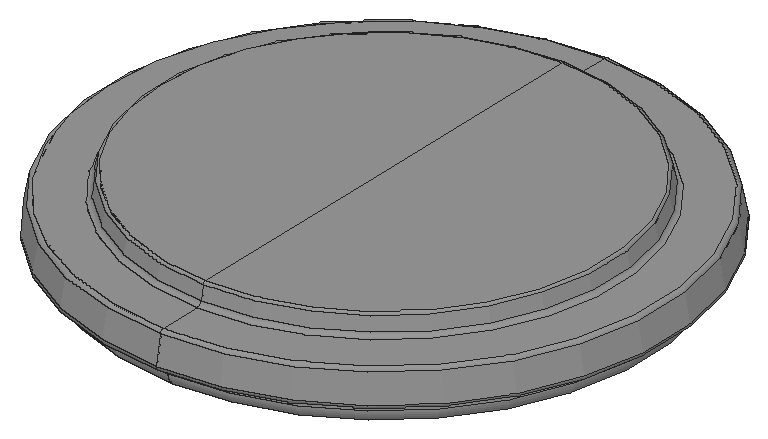
Revit family "FMK12_63_UN_Surface-mounted_ETK", category Lighting Fixtures, Revit 2017 (continued)
Definition of nested family "FMK.1 - Lightsource"
  Types (13, lengths in mm): name | Wattage Comments | Photometric Web File | built-in parameter 1150142 | Apparent Load
      82.7397\t271.7601\t260.7829\t249.8115\t238.199\t224.9904\t212.0355\t199.0916\r\n186.1571\t173.2273\t160.3064\t147.3979\t134.5054\t133.8004\t26.4433\t0\t0\t0\r\n0\t0\t0\t0\t0\t0\r\n405.3384\t404.7985\t404.2731\t402.9746\t400.9294\t398.9778\t395.1912\t391.2006\t387.1764\t383.1518\r\n379.3503\t373.2478\t366.6736\t360.0872\t353.4808\t347.1016\t338.8269\t329.9717\t321.1259\t312.2733\r\n303.6511\t293.3438\t282.42\t271.4857\t260.561\t249.8768\t237.5346\t224.5982\t211.6601\t198.736\r\n185.8092\t172.8976\t159.9952\t147.0924\t134.208\t131.9549\t19.0178\t0\t0\t0\r\n0\t0\t0\t0\t0\t0\r\n405.3384\t404.775\t404.2417\t402.941\t400.8877\t398.9141\t395.0686\t391.0953\t387.0939\t383.0703\r\n379.2465\t373.03\t366.4888\t359.9216\t353.3431\t346.971\t338.5451\t329.7328\t320.92\t312.0934\r\n303.4848\t293.0109\t282.1221\t271.2145\t260.3152\t249.6258\t237.1217\t224.202\t211.2903\t198.3835\r\n185.4706\t172.5647\t159.66\t146.7717\t133.8799\t129.6163\t13.1927\t0\t0\t0\r\n0\t0\t0\t0\t0\t0\r\n405.3384\t404.7527\t404.2068\t402.9019\t400.8767\t398.8558\t394.9637\t390.9782\t387.0011\t382.9988\r\n379.1382\t372.8305\t366.3205\t359.7944\t353.2392\t346.8416\t338.2971\t329.4929\t320.6819\t311.8859\r\n303.2565\t292.6827\t281.8284\t270.9715\t260.0963\t249.3876\t236.7404\t223.8309\t210.924\t198.0301\r\n185.1227\t172.2345\t159.3412\t146.4511\t133.5636\t127.1408\t8.7076\t0\t0\t0\r\n0\t0\t0\t0\t0\t0\r\n405.3384\t404.7317\t404.1685\t402.8573\t400.8341\t398.8203\t394.8729\t390.882\t386.8997\t382.9031\r\n379.0139\t372.6472\t366.1376\t359.6334\t353.1356\t346.7285\t338.0975\t329.2976\t320.4978\t311.7082\r\n303.0442\t292.3608\t281.5086\t270.6653\t259.8241\t249.1051\t236.3739\t223.483\t210.5936\t197.696\r\n184.8022\t171.9214\t159.0318\t146.1423\t133.2543\t124.7431\t5.3342\t0\t0\t0\r\n0\t0\t0\t0\t0\t0\r\n405.3384\t404.7118\t404.0854\t402.8071\t400.7827\t398.7607\t394.8082\t390.8197\t386.8117\t382.8145\r\n378.8745\t372.4566\t365.9558\t359.4647\t352.9636\t346.5217\t337.8337\t329.0692\t320.2987\t311.5096\r\n302.8013\t292.0593\t281.2296\t270.4093\t259.5758\t248.8064\t236.0021\t223.1017\t210.2133\t197.3263\r\n184.4407\t171.5452\t158.6583\t145.7732\t132.8917\t122.5723\t2.8944\t0\t0\t0\r\n0\t0\t0\t0\t0\t0\r\n405.3384\t404.6932\t404.0473\t402.7226\t400.7224\t398.6915\t394.7212\t390.7363\t386.7361\t382.7442\r\n378.7775\t372.3101\t365.7992\t359.3066\t352.8016\t346.3302\t337.6023\t328.8394\t320.0728\t311.2958\r\n302.561\t291.776\t280.951\t270.126\t259.3004\t248.5209\t235.6594\t222.7723\t209.8851\t196.9978\r\n184.1099\t171.2248\t158.3346\t145.4546\t132.5648\t120.8445\t1.2522\t0\t0\t0\r\n0\t0\t0\t0\t0\t0\r\n405.3384\t404.6757\t404.0125\t402.6704\t400.6365\t398.604\t394.6163\t390.6263\t386.6347\t382.642\r\n378.653\t372.1631\t365.664\t359.1642\t352.6514\t346.1579\t337.4057\t328.6338\t319.8737\t311.0997\r\n302.337\t291.5239\t280.7001\t269.8776\t259.0436\t248.2362\t235.3595\t222.4683\t209.58\t196.6886\r\n183.7994\t170.9097\t158.0181\t145.1276\t132.2357\t119.6415\t0.3076\t0\t0\t0\r\n0\t0\t0\t0\t0\t0\r\n405.3384\t404.6596\t403.9806\t402.6229\t400.5746\t398.5262\t394.5231\t390.5201\t386.5171\t382.514\r\n378.4993\t372.003\t365.4952\t358.999\t352.4911\t345.9949\t337.2046\t328.4142\t319.6239\t310.8453\r\n302.055\t291.2397\t280.4128\t269.5975\t258.7705\t247.9552\t235.0564\t222.1578\t209.2708\t196.372\r\n183.485\t170.5863\t157.6875\t144.8005\t131.9018\t119.0148\t0\t0\t0\t0\r\n0\t0\t0\t0\t0\t0\r\n405.3384\t404.6446\t403.952\t402.5799\t400.516\t398.4496\t394.4362\t390.4167\t386.393\t382.3765\r\n378.3639\t371.8594\t365.3463\t358.8345\t352.3221\t345.8186\t337.0218\t328.2282\t319.4233\t310.6293\r\n301.8361\t291.0019\t280.1697\t269.3256\t258.4827\t247.6533\t234.7581\t221.854\t208.9473\t196.0427\r\n183.1396\t170.2368\t157.3331\t144.4306\t131.5295\t118.923\t0.3058\t0\t0\t0\r\n0\t0\t0\t0\t0\t0\r\n405.3384\t404.6311\t403.9266\t402.5417\t400.4513\t398.3517\t394.3448\t390.3139\t386.2918\t382.2534\r\n378.238\t371.7358\t365.2058\t358.6709\t352.1332\t345.6284\t336.8455\t328.0252\t319.2071\t310.3886\r\n301.6022\t290.7741\t279.9105\t269.0599\t258.1993\t247.3735\t234.4901\t221.5727\t208.655\t195.7516\r\n182.8364\t169.9224\t157.0186\t144.1096\t131.2095\t119.4546\t1.2376\t0\t0\t0\r\n0\t0\t0\t0\t0\t0\r\n405.3384\t404.6189\t403.9044\t402.5099\t400.4048\t398.3042\t394.3046\t390.2607\t386.2346\t382.1535\r\n378.1197\t371.6271\t365.0667\t358.4953\t351.9348\t345.4342\t336.6778\t327.8251\t318.988\t310.1383\r\n301.3588\t290.557\t279.6705\t268.7827\t257.8964\t247.0828\t234.2295\t221.3067\t208.3745\t195.4454\r\n182.519\t169.6057\t156.6841\t143.7663\t130.8565\t120.461\t2.8438\t0\t0\t0\r\n0\t0\t0\t0\t0\t0\r\n405.3384\t404.608\t403.906\t402.4809\t400.3686\t398.2825\t394.3364\t390.2509\t386.1403\t382.0139\r\n377.9719\t371.5145\t364.9316\t358.3331\t351.741\t345.2569\t336.5322\t327.65\t318.7717\t309.893\r\n301.122\t290.3538\t279.4296\t268.5063\t257.6005\t246.812\t234.0133\t221.0577\t208.1226\t195.1708\r\n182.233\t169.2892\t156.3621\t143.428\t130.5101\t121.8491\t5.2081\t0\t0\t0\r\n0\t0\t0\t0\t0\t0\r\n405.3384\t404.5983\t403.8876\t402.4562\t400.3424\t398.3285\t394.312\t390.1748\t386.0001\t381.8499\r\n377.8465\t371.4423\t364.8155\t358.179\t351.5314\t345.0554\t336.4015\t327.4708\t318.5324\t309.5879\r\n300.8096\t290.1067\t279.1611\t268.2305\t257.289\t246.5037\t233.7899\t220.8066\t207.8411\t194.873\r\n181.9286\t168.9735\t156.0235\t143.0925\t130.1555\t123.4873\t8.4517\t0\t0\t0\r\n0\t0\t0\t0\t0\t0\r\n405.3384\t404.5901\t403.8694\t402.4354\t400.3632\t398.2964\t394.2634\t390.0534\t385.8948\t381.7277\r\n377.7335\t371.3662\t364.6894\t358.0074\t351.3178\t344.8397\t336.2562\t327.2573\t318.2671\t309.292\r\n300.5434\t289.9663\t278.9733\t267.9846\t257.0011\t246.2424\t233.6423\t220.6376\t207.6416\t194.6527\r\n181.66\t168.6794\t155.7053\t142.752\t129.7991\t125.1546\t12.7273\t0\t0\t0\r\n0\t0\t0\t0\t0\t0\r\n405.3384\t404.5832\t403.8511\t402.4184\t400.3294\t398.2373\t394.1753\t389.9932\t385.8207\t381.5858\r\n377.5585\t371.29\t364.5766\t357.8427\t351.0774\t344.5671\t336.1252\t327.126\t318.0989\t309.0717\r\n300.2725\t289.8361\t278.7856\t267.7468\t256.7121\t245.9428\t233.5014\t220.4496\t207.42\t194.3931\r\n181.3835\t168.3751\t155.3885\t142.4223\t129.4696\t126.6674\t18.2327\t0\t0\t0\r\n0\t0\t0\t0\t0\t0\r\n405.3384\t404.6161\t403.833\t402.4338\t400.2812\t398.117\t394.1504\t389.9734\t385.7276\t381.4258\r\n377.3816\t371.2392\t364.4718\t357.6674\t350.8628\t344.3271\t336.3727\t327.0146\t317.9224\t308.8102\r\n299.6801\t289.9237\t278.5829\t267.4993\t256.4203\t245.3261\t233.5789\t220.2411\t207.1712\t194.1138\r\n181.0807\t168.0584\t155.0612\t142.0858\t129.1328\t127.7426\t25.2025\t0\t0\t0\r\n0\t0\t0\t0\t0\t0\r\n405.3384\t404.6105\t403.8147\t402.4101\t400.2194\t398.0503\t394.1642\t389.934\t385.6217\t381.2896\r\n377.1953\t371.2003\t364.3795\t357.5497\t350.6777\t343.7901\t336.3331\t326.9098\t317.7336\t308.5378\r\n299.3341\t289.7717\t278.414\t267.2406\t256.0784\t244.9306\t233.4048\t220.0844\t206.987\t193.9063\r\n180.8452\t167.8011\t154.7799\t141.7801\t128.7982\t128.0121\t33.8934\t0\t0\t0\r\n0\t0\t0\t0\t0\t0\r\n405.3384\t404.605\t403.7961\t402.3797\t400.115\t397.9929\t394.1749\t389.882\t385.5568\t381.1715\r\n376.6631\t371.4951\t364.3355\t357.4079\t350.4678\t343.5064\t336.2424\t326.8117\t317.5627\t308.2892\r\n298.9902\t289.5725\t278.2428\t267.0234\t255.8103\t244.5868\t233.2271\t219.9634\t206.8227\t193.6957\r\n180.6021\t167.5443\t154.4957\t141.4702\t128.4705\t115.505\t70.026\t0\t0\t0\r\n0\t0\t0\t0\t0\t0\r\n405.3384\t404.5994\t403.7772\t402.343\t400.0582\t397.9547\t394.1952\t389.8748\t385.5291\t380.979\r\n376.4372\t371.47\t364.2569\t357.2705\t350.2636\t343.2284\t336.1012\t326.741\t317.3967\t308.0368\r\n298.6712\t289.3725\t278.1474\t266.8135\t255.5191\t244.2436\t233.0342\t219.8906\t206.6977\t193.5207\r\n180.3828\t167.2783\t154.2217\t141.1824\t128.1722\t115.1956\t80.4414\t0\t0\t0\r\n0\t0\t0\t0\t0\t0\r\n405.3384\t404.594\t403.7665\t402.3007\t400.0104\t397.8946\t394.467\t389.9452\t385.4255\t380.805\r\n376.2179\t371.3573\t364.2027\t357.1507\t350.0679\t342.9438\t335.905\t326.68\t317.25\t307.8176\r\n298.3724\t289.0673\t278.0222\t266.6515\t255.3003\t243.9401\t232.7582\t219.8133\t206.5867\t193.3789\r\n180.2056\t167.0687\t153.966\t140.8994\t127.8726\t114.8827\t90.1164\t0\t0\t0\r\n0\t0\t0\t0\t0\t0\r\n405.3384\t404.5889\t403.7442\t402.2253\t399.9717\t397.8259\t394.5256\t389.9394\t385.2649\t380.6538\r\n375.9641\t371.2248\t364.1789\t357.067\t349.8977\t342.6677\t335.6288\t326.6532\t317.1531\t307.6244\r\n298.0542\t288.478\t278.2469\t266.5399\t255.0597\t243.6182\t232.4332\t219.7955\t206.4902\t193.2133\r\n180.0012\t166.821\t153.6857\t140.5957\t127.5588\t114.5661\t98.6146\t0\t0\t0\r\n0\t0\t0\t0\t0\t0\r\n405.3384\t404.5838\t403.7204\t402.1836\t399.9493\t397.495\t394.6576\t389.8387\t385.1686\t380.5014\r\n375.729\t371.0605\t364.1878\t357.0066\t349.7365\t342.3831\t334.9798\t326.9611\t317.1042\t307.4527\r\n297.7974\t288.1146\t278.1369\t266.4125\t254.8729\t243.3316\t231.7822\t219.9393\t206.403\t193.0914\r\n179.8299\t166.6203\t153.466\t140.3518\t127.2713\t114.2585\t105.3682\t0\t0\t0\r\n0\t0\t0\t0\t0\t0\r\n405.3384\t404.579\t403.6953\t402.1453\t400.0044\t397.4328\t394.6846\t389.7831\t385.1052\t380.3588\r\n375.5172\t370.8454\t364.2472\t356.9647\t349.5864\t342.1389\t334.6459\t326.9338\t317.0698\t307.3364\r\n297.5463\t287.7394\t277.9639\t266.3589\t254.7041\t243.037\t231.404\t219.803\t206.3799\t193.0247\r\n179.6747\t166.415\t153.2216\t140.0873\t127.0126\t113.9921\t109.8199\t9.0426\t0\t0\r\n0\t0\t0\t0\t0\t0\r\n405.3384\t404.5744\t403.6691\t402.1103\t399.9781\t397.3776\t394.6495\t389.7577\t385.0555\t380.2439\r\n375.3168\t370.2787\t364.5973\t356.9471\t349.4699\t341.9308\t334.3338\t326.7694\t317.1018\t307.2337\r\n297.342\t287.4211\t277.6928\t266.3301\t254.5511\t242.8085\t231.0731\t219.5536\t206.3499\t192.9347\r\n179.5687\t166.2649\t153.016\t139.8234\t126.726\t113.6905\t111.2803\t21.7073\t0\t0\r\n0\t0\t0\t0\t0\t0\r\n405.3384\t404.57\t403.6421\t402.0785\t399.9533\t397.3665\t394.4977\t389.7642\t385.0355\t380.1533\r\n375.1312\t370.0104\t364.5699\t356.9602\t349.3932\t341.7532\t334.0283\t326.4707\t317.1654\t307.1994\r\n297.1718\t287.133\t277.0299\t266.5617\t254.4718\t242.5962\t230.7316\t218.9364\t206.6337\t192.9105\r\n179.4434\t166.087\t152.7988\t139.6068\t126.4833\t113.4569\t100.4945\t60.079\t0\t0\r\n0\t0\t0\t0\t0\t0\r\n405.3384\t404.5661\t403.6144\t402.0512\t399.9354\t397.2997\t394.4018\t389.8025\t385.0322\t380.0745\r\n374.9814\t369.7443\t364.4545\t357.0142\t349.3678\t341.6146\t333.7412\t325.8005\t317.4989\t307.1996\r\n297.0754\t286.8649\t276.6591\t266.3928\t254.4188\t242.4545\t230.4861\t218.5355\t206.5242\t192.8964\r\n179.3794\t165.9637\t152.639\t139.4008\t126.2545\t113.2052\t100.2394\t75.4175\t0\t0\r\n0\t0\t0\t0\t0\t0\r\n405.3384\t404.5625\t403.5863\t402.0218\t399.9104\t397.2171\t394.3045\t389.8927\t385.0511\t380.0149\r\n374.8455\t369.4904\t364.2419\t357.1219\t349.384\t341.4901\t333.5186\t325.4314\t317.3612\t307.2899\r\n297.0022\t286.6805\t276.276\t266.1102\t254.4772\t242.3425\t230.2194\t218.174\t206.3008\t192.9174\r\n179.3579\t165.8762\t152.4972\t139.2127\t126.0328\t112.9621\t100.0093\t87.0551\t0\t0\r\n0\t0\t0\t0\t0\t0\r\n405.3384\t404.5593\t403.5488\t401.9935\t399.8835\t397.1246\t394.2037\t390.2303\t385.0913\t379.9896\r\n374.7291\t369.2488\t363.6276\t357.5035\t349.4258\t341.4412\t333.3238\t325.0865\t317.0691\t307.6993\r\n297.0161\t286.5013\t276.02\t265.4718\t254.6844\t242.2835\t230.06\t217.8462\t205.7159\t193.2069\r\n179.3627\t165.7938\t152.3453\t139.0419\t125.8422\t112.7623\t99.7796\t94.113\t0.6105\t0\r\n0\t0\t0\t0\t0\t0\r\n405.3384\t404.5567\t403.4347\t401.9663\t399.8542\t396.9916\t393.8623\t390.3025\t385.1493\t379.9968\r\n374.6293\t369.0482\t363.3058\t357.4798\t349.5307\t341.4245\t333.1708\t324.8183\t316.3472\t307.7332\r\n297.0531\t286.4824\t275.7917\t265.0603\t254.4821\t242.3206\t229.9441\t217.6132\t205.3254\t193.1091\r\n179.3748\t165.764\t152.2793\t138.8941\t125.6464\t112.5384\t99.5694\t86.7243\t14.0692\t0\r\n0\t0\t0\t0\t0\t0\r\n405.3384\t404.5544\t403.4109\t401.9397\t399.8279\t396.9235\t393.766\t390.3402\t385.2395\t380.0227\r\n374.5426\t368.8806\t363.0291\t357.2464\t350.0081\t341.4712\t333.0914\t324.5758\t315.9704\t307.4474\r\n297.2703\t286.4865\t275.6403\t264.756\t253.843\t242.607\t229.9008\t217.4057\t204.9789\t192.7969\r\n179.4987\t165.7588\t152.175\t138.7541\t125.4881\t112.3504\t99.3709\t86.5437\t51.9517\t0\r\n0\t0\t0\t0\t0\t0\r\n405.3384\t404.5528\t403.3896\t401.9136\t399.7913\t396.957\t393.6984\t390.3419\t385.3606\t380.0818\r\n374.5\t368.7496\t362.7919\t356.6028\t350.0626\t341.5854\t333.0658\t324.4216\t315.6059\t306.7421\r\n297.6344\t286.5955\t275.5812\t264.5172\t253.4454\t242.4387\t229.9497\t217.306\t204.7451\t192.2166\r\n179.6744\t165.7968\t152.1564\t138.646\t125.329\t112.1759\t99.1985\t86.3772\t68.9502\t0\r\n0\t0\t0\t0\t0\t0\r\n405.3384\t404.5516\t403.3711\t401.8875\t399.7527\t396.9277\t393.6298\t390.2999\t385.7547\t380.1611\r\n374.5012\t368.6583\t362.5687\t356.2748\t349.9304\t341.7568\t333.1054\t324.2991\t315.3601\t306.3451\r\n297.4021\t286.7961\t275.6181\t264.4085\t253.1166\t241.8373\t230.2463\t217.3133\t204.529\t191.8469\r\n179.4606\t165.8616\t152.1382\t138.5889\t125.1903\t112.0098\t99.0178\t86.2149\t79.0059\t0\r\n0\t0\t0\t0\t0\t0\r\n405.3384\t404.5303\t403.3553\t401.8645\t399.7131\t396.9209\t393.5723\t390.1989\t385.8711\t380.2535\r\n374.5458\t368.6079\t362.4015\t355.9658\t349.3036\t342.1689\t333.2403\t324.278\t315.2144\t305.9895\r\n296.6392\t287.1356\t275.8011\t264.3885\t252.9357\t241.4441\t230.1178\t217.3521\t204.4354\t191.5936\r\n178.8542\t166.1287\t152.1585\t138.5008\t125.0791\t111.8622\t98.8722\t86.0895\t73.5113\t5.8064\r\n0\t0\t0\t0\t0\t0\r\n405.3384\t404.5303\t403.3424\t401.8359\t399.6738\t396.904\t393.5271\t389.8272\t385.9412\t380.4009\r\n374.6452\t368.602\t362.2897\t355.7113\t348.9026\t342.0438\t333.4533\t324.356\t315.1404\t305.736\r\n296.21\t286.8176\t276.3248\t264.5084\t252.8679\t241.1993\t229.4494\t217.6364\t204.4484\t191.4377\r\n178.5308\t165.8585\t152.2347\t138.4866\t125.0067\t111.7492\t98.7341\t85.9681\t73.4427\t41.0177\r\n0\t0\t0\t0\t0\t0\r\n405.3384\t404.5314\t403.3323\t401.8066\t399.6355\t396.8882\t393.4998\t389.7256\t385.9264\t380.8323\r\n374.7825\t368.6476\t362.2247\t355.5179\t348.5777\t341.3716\t333.8428\t324.5619\t315.1649\t305.6139\r\n295.8944\t286.068\t276.276\t264.795\t252.9611\t241.028\t229.1012\t217.1796\t204.5856\t191.3702\r\n178.2755\t165.3108\t152.4401\t138.5329\t124.9629\t111.6537\t98.6364\t85.8681\t73.3923\t59.4422\r\n0\t0\t0\t0\t0\t0\r\n405.3384\t404.5334\t403.3254\t401.7768\t399.5834\t396.8724\t393.5563\t389.6813\t385.8296\t380.9686\r\n374.9634\t368.7467\t362.223\t355.3988\t348.3247\t340.9663\t333.6105\t325.0909\t315.3013\t305.5958\r\n295.7167\t285.6879\t275.5196\t265.2641\t253.1643\t241.0284\t228.9013\t216.7619\t204.7197\t191.4431\r\n178.1426\t165.025\t152.054\t138.6238\t124.949\t111.5808\t98.5317\t85.7999\t73.3521\t67.4468\r\n0\t0\t0\t0\t0\t0\r\n405.3384\t404.5367\t403.3213\t401.747\t399.553\t396.8551\t393.5253\t389.642\t385.4196\t381.0143\r\n375.4341\t368.8936\t362.2811\t355.3633\t348.149\t340.6463\t332.8952\t325.0567\t315.6054\t305.7209\r\n295.6694\t285.4283\t275.0861\t264.6206\t253.7214\t241.2356\t228.8857\t216.5051\t204.1542\t191.7482\r\n178.1912\t164.8347\t151.6841\t138.7372\t124.9638\t111.5467\t98.4431\t85.7156\t73.3308\t61.2799\r\n6.6224\t0\t0\t0\t0\t0\r\n405.3384\t404.541\t403.3206\t401.7173\t399.5263\t396.8348\t393.4891\t389.6228\t385.3035\t380.9705\r\n375.6064\t369.1065\t362.3871\t355.4019\t348.059\t340.4189\t332.5297\t324.353\t315.9992\t306.0013\r\n295.7691\t285.3359\t274.8118\t264.0762\t253.4617\t241.8475\t229.0559\t216.4579\t203.8582\t191.3277\r\n178.4886\t164.7975\t151.4218\t138.2923\t125.0643\t111.5119\t98.3871\t85.6566\t73.3292\t61.3845\r\n41.3401\t0\t0\t0\t0\t0\r\n405.3384\t404.7046\t403.3351\t401.6085\t399.5025\t396.8106\t393.4101\t389.6964\t385.2267\t380.5909\r\n375.6608\t369.6146\t362.5887\t355.5216\t348.0628\t340.3035\t332.2796\t323.9612\t315.3815\t306.4951\r\n296.0045\t285.4293\t274.6916\t263.7186\t252.6951\t241.7657\t229.4357\t216.6186\t203.7814\t190.9543\r\n178.3774\t164.9054\t151.3423\t137.993\t125.0188\t111.5486\t98.3549\t85.6161\t73.3518\t61.5005\r\n54.5145\t0\t0\t0\t0\t0\r\n405.3384\t404.7094\t403.3409\t401.5892\t399.4806\t396.7853\t393.3861\t389.647\t385.1911\t380.4752\r\n375.5799\t369.7733\t362.8838\t355.7241\t348.1677\t340.311\t332.135\t323.6844\t314.9275\t305.9445\r\n296.5192\t285.7241\t274.7325\t263.6059\t252.3232\t240.938\t229.682\t217.0354\t203.8964\t190.8667\r\n177.8483\t165.1045\t151.4128\t137.8197\t124.5862\t111.6542\t98.3596\t85.6026\t73.3081\t61.567\r\n50.2719\t0\t0\t0\t0\t0\r\n405.3384\t404.7141\t403.3495\t401.5769\t399.4597\t396.7589\t393.3787\t389.6141\t385.2819\t380.3954\r\n375.1982\t369.7519\t363.3915\t356.0194\t348.3778\t340.4279\t332.1175\t323.54\t314.6307\t305.4612\r\n295.9656\t286.2757\t275.0119\t263.7288\t252.2133\t240.5678\t228.8725\t217.2219\t204.3601\t191.0024\r\n177.7549\t164.5951\t151.6169\t137.856\t124.3917\t111.3335\t98.3751\t85.5165\t73.2932\t61.597\r\n50.4839\t26.8985\t0\t0\t0\t0\r\n405.3384\t404.7188\t403.3611\t401.5899\t399.4393\t396.7318\t393.3783\t389.5778\t385.2799\t380.4048\r\n375.1029\t369.354\t363.4329\t356.5509\t348.7107\t340.6772\t332.2579\t323.5399\t314.5046\t305.1188\r\n295.5188\t285.63\t275.5222\t264.0384\t252.342\t240.479\t228.5121\t216.4262\t204.4988\t191.6613\r\n177.9175\t164.4704\t151.1862\t138.14\t124.3921\t111.0641\t98.3014\t85.4755\t73.1886\t61.5768\r\n50.6169\t43.8035\t0\t0\t0\t0\r\n405.3384\t404.7234\t403.3758\t401.5932\t399.3558\t396.7043\t393.383\t389.5381\t385.271\t380.3873\r\n375.0389\t369.2482\t363.0412\t356.6073\t349.2775\t341.0511\t332.5546\t323.7019\t314.5615\t305.0088\r\n295.2657\t285.1407\t274.8439\t264.3864\t252.9603\t240.7003\t228.4626\t216.1193\t203.7058\t191.2839\r\n178.5866\t164.7027\t151.1153\t137.7422\t124.6359\t111.0334\t97.9491\t85.3922\t73.0802\t61.4885\r\n50.6435\t40.5048\t0\t0\t0\t0\r\n405.3384\t404.7278\t403.3938\t401.6032\t399.3484\t396.6726\t393.3886\t389.4997\t385.2549\t380.3738\r\n375.1114\t369.2206\t362.9224\t356.2011\t349.3184\t341.6044\t333.2293\t324.0355\t314.7893\t305.1249\r\n295.2219\t284.9551\t274.4342\t263.6396\t252.6034\t241.2841\t228.7342\t216.1549\t203.4536\t190.7548\r\n178.0519\t165.358\t151.3808\t137.7373\t124.3116\t111.2524\t97.8365\t85.0967\t72.89\t61.3103\r\n50.5893\t40.6649\t9.0488\t0\t0\t0\r\n405.3384\t404.7319\t403.4151\t401.6204\t399.
